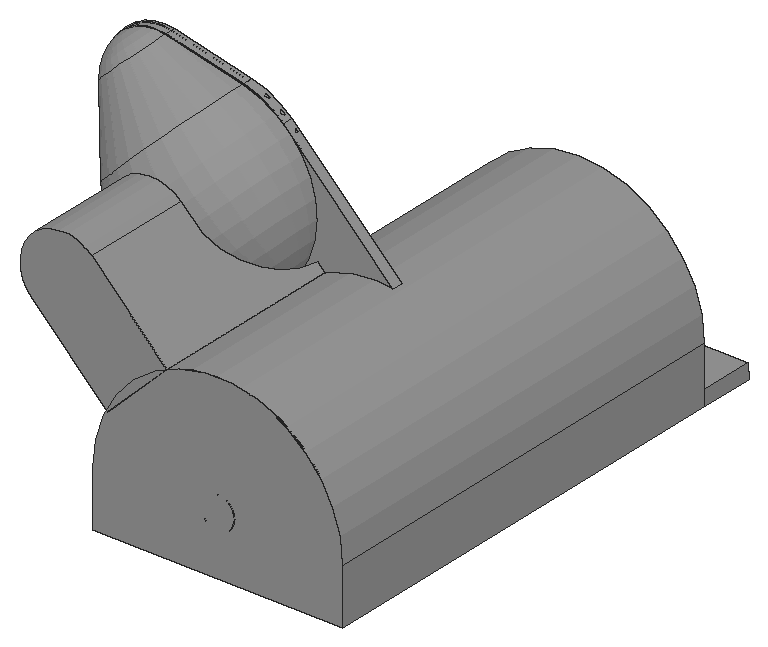
Revit family "Combination-Willoughby-ECF-1806-L-ON", category Plumbing Fixtures, Revit 2015
Parameters (values of type "Standard")
  Waste DIA = 2 3/8"
  Waste Connection = yes
  W-RAD [instance] = Waste DIA / 2  # 0' - 1 3/16"
  URL = "https://www.willoughby-ind.com/wp-content/uploads/2017/12/1806.pdf"
  Revision = "A"
  Model = "ECF-1806-L-ON"
  Manufacturer = "Willoughby Industries"
  Lav Waste DIA = 1 1/2"
  Lav Waste Connection = yes
  L-RAD [instance] = Lav Waste DIA / 2  # 0' - 0 3/4"
  HW Connection = no
  Flush inlet DIA = 1 1/2"
  Flush Inlet Connection = yes
  Fixture Body = Stainless Steel AISI 304-Willoughby
  F-RAD [instance] = Flush inlet DIA / 2  # 0' - 0 3/4"
  Description = "1806 Combination Unit, Wall toilet waste outlet, Left toilet, On Floor mounted, 1.28 GPM"
  Default Elevation = 0' - 0"
  Contact Number = "(800) 428-4065"
  CW Connection = no
Reference planes (in)
  plane 1 "Center (Front/Back)": y = -16.25
  plane 2: z = 0
  plane 3 "Center (Left/Right)": x = 0
  plane 4 "Base": y = -16.25
  plane 5 "Rim hight": y = -1.5
  plane 6 "Seat height": y = -1.25
  plane 7 "Sink HGT": y = 20.25
  plane 8 "Waste offset": x = 0
  plane 9 "Lwaste ht": y = 8
  plane 10 "flush inlet HT": y = 4.25
  plane 11 "Left Sweep": through (12.20051, 0, 16.45051) normal (0.7071, 0, -0.7071)
  plane 12 "Right Sweep": through (-11.84696, 0, 16.09696) normal (0.7071, 0, 0.7071)
  plane 13: through (-55.90549, 0, 60.15549) normal (-0.7071, 0, -0.7071)
  plane 14: x = -6.375
  plane 15: x = 9
  plane 16 "Waste Center Line": z = 4.25
  plane 17: x = -9
Forms (in)
  Extrusion 1, solid, material "Stainless Steel AISI 304-Willoughby" <- "Fixture Body"
    sketch origin (0, -16.25, 0) x (1, 0, 0) y (0, 0, 1)
      loop
        line (9, 0) -> (9, 1.0625) -> (-9, 1.0625) -> (-9, 0) -> (9, 0)
    from -36.5 to -32.5
  Extrusion 2, solid, material "Stainless Steel AISI 304-Willoughby" <- "Fixture Body"
    sketch origin (3.35108, 10.5, 0.89892) x (-0.707107, 0, -0.707107) y (0.707107, 0, -0.707107)
      loop
        arc (6.0079, -24.25317) -> (6.68213, -22.74625) -> (6.9847, -21.12334) r 7
        line (6.9847, -21.12334) -> (6.9847, -9.98237)
        arc (6.9847, -9.98237) -> (0, -12.87552) -> (-6.9847, -9.98237) r 9.87786
        line (-6.9847, -9.98237) -> (-6.9847, -21.12334)
        arc (-6.9847, -21.12334) -> (-6.68213, -22.74625) -> (-6.0079, -24.25317) r 7
        line (-6.0079, -24.25317) -> (-2.96593, -29.1083)
        arc (-2.96593, -29.1083) -> (0, -30.75) -> (2.96593, -29.1083) r 3.5
        line (2.96593, -29.1083) -> (6.0079, -24.25317)
      loop
        arc (4.24214, -22.50332) -> (0, -16.0358) -> (-4.24214, -22.50332) r 4.625
        line (-4.24214, -22.50332) -> (-1.839, -28.03617)
        arc (-1.839, -28.03617) -> (0, -29.25) -> (1.839, -28.03617) r 2
        line (1.839, -28.03617) -> (4.24214, -22.50332)
    from 11.75 to 12.5
  Revolve 3, solid, material "Stainless Steel AISI 304-Willoughby" <- "Fixture Body"
    sketch origin (3.35108, -1.5, 0.89892) x (-0.707107, 0, -0.707107) y (0.707107, 0, -0.707107)
      loop
        line (0, -13.6608) -> (0, -13.9108)
        arc (0, -13.9108) -> (5.9061, -17.39269) -> (5.71903, -24.24621) r 6.75
        line (5.71903, -24.24621) -> (2.75361, -28.97631)
        arc (2.75361, -28.97631) -> (1.57353, -30.09368) -> (0, -30.5) r 3.25
        line (0, -30.5) -> (0, -30.75)
        arc (0, -30.75) -> (1.69499, -30.31219) -> (2.96593, -29.1083) r 3.5
        line (2.96593, -29.1083) -> (6.0079, -24.25317)
        arc (6.0079, -24.25317) -> (6.08879, -17.20729) -> (0, -13.6608) r 7
      axis (0, -13.6608) -> (0, -30.75)
    angle from 0 to -180
  Extrusion 4, solid, material "Stainless Steel AISI 304-Willoughby" <- "Fixture Body"
    sketch origin (0, -3.25, -6.25) x (1, 0, 0) y (0, 0, -1)
      loop
        circle (0, -10.5) r 1.1875
    from -13 to -11.36225
  Extrusion 5, solid, material "Stainless Steel AISI 304-Willoughby" <- "Fixture Body"
    sketch origin (0, 0, 0) x (1, 0, 0) y (0, 1, 0)
      loop
        circle (0, 8) r 0.75
    from -3 to 1
  Extrusion 6, solid, material "Stainless Steel AISI 304-Willoughby" <- "Fixture Body"
    sketch origin (0, 0, 0) x (1, 0, 0) y (0, 1, 0)
      loop
        circle (-6.375, 4.25) r 0.75
    from 0 to 1
  Extrusion 7, solid, material "Stainless Steel AISI 304-Willoughby" <- "Fixture Body"
    sketch origin (-77.55739, -16.25, -24.30859) x (1, 0, 0) y (0, 0, 1)
      loop
        line (86.55739, 24.30859) -> (86.55739, 28.33218)
        arc (86.55739, 28.33218) -> (77.55739, 37.33218) -> (68.55739, 28.33218) r 9
        line (68.55739, 28.33218) -> (68.55739, 24.30859) -> (86.55739, 24.30859)
    from -32.5 to 0
  Revolve 8, void
    sketch origin (-0.04219, 16.25, -0.04963) x (1, 0, 0) y (0, 0, 1)
      loop
        spline (6.44903, 7.42683) -> (6.2318, 8.59152) -> (5.59494, 9.67683) -> (4.58183, 10.60881) -> (3.26153, 11.32395) -> (1.724, 11.7735) -> (0.07403, 11.92683) -> (-1.57595, 11.7735) -> (-3.11347, 11.32395) -> (-4.43378, 10.60881) -> (-5.44689, 9.67683) -> (-6.08375, 8.59152) -> (-6.30097, 7.42683)
        line (-6.30097, 7.42683) -> (6.44903, 7.42683)
      axis (6.44903, 7.42683) -> (-6.30097, 7.42683)
    angle from 0 to -180
  Extrusion 9, solid, material "Stainless Steel AISI 304-Willoughby" <- "Fixture Body"
    sketch origin (8.54532, -16.25, -35.53935) x (0.707107, 0, 0.707107) y (-0.707107, 0, 0.707107)
      loop
        line (25.09287, 42.42406) -> (25.09287, 50.05781)
        arc (25.09287, 50.05781) -> (22.09287, 53.05781) -> (19.09287, 50.05781) r 3
        line (19.09287, 50.05781) -> (19.09287, 42.42406) -> (25.09287, 42.42406)
    from 0 to -8.02482
  Extrusion 10, solid, material "Stainless Steel AISI 304-Willoughby" <- "Fixture Body"
    sketch origin (3.35876, 0, 0.89124) x (0, 1, 0) y (-0.707107, 0, 0.707107)
      loop
        line (-8.22518, 12.99629) -> (-2, 12.99629) -> (-2, 13.69664)
        arc (-2, 13.69664) -> (-5.86283, 15.126) -> (-8.22518, 18.5) r 6.90673
        line (-8.22518, 18.5) -> (-8.22518, 12.99629)
    from -3 to 3
Cuts and joins
  Revolve 8 cuts Extrusion 7
  joined: Extrusion 9, Extrusion 10
Lines and regions (in)
  model lines, detail levels coarse+medium
    curve 1: line (-9, -16.25, 0) -> (9, -16.25, 0)
    curve 2: line (9, -16.25, 0) -> (9, -16.25, 1.0625)
    curve 3: line (-9, -16.25, 1.0625) -> (-9, -16.25, 0)
    curve 4: line (9, -16.25, 4.02359) -> (9, -16.25, 1.0625)
    curve 5: line (-9, -16.25, 1.0625) -> (-9, -16.25, 4.02359)
  symbolic lines
    curve 6: line (-12.73689, -8.3348, 0) -> (-12.73689, -16.25, 0)
    curve 7: line (-12.73689, -16.25, 0) -> (-5.0708, -16.25, 0)
    curve 8: line (-5.0708, -16.25, 0) -> (-5.0708, -4.78059, 0)
    curve 9: arc (-5.0708, -4.78059, 0) -> (-4.52539, -3.43237, 0) -> (-4.27347, -2, 0) r 6.92791
    curve 10: line (-4.27347, -2, 0) -> (1.23141, -2, 0)
    curve 11: line (1.23141, -2, 0) -> (1.23141, -1.25, 0)
    curve 12: line (1.23141, -1.25, 0) -> (-19.41758, -1.25, 0)
    curve 13: line (-19.41758, -1.25, 0) -> (-19.41758, -2, 0)
    curve 14: arc (-19.41758, -2, 0) -> (-19.04804, -3.07433, 0) -> (-18.3961, -4.00476, 0) r 4.07249
    curve 15: line (-18.3961, -4.00476, 0) -> (-16.43182, -6.18631, 0)
    curve 16: arc (-16.43182, -6.18631, 0) -> (-14.7528, -7.55025, 0) -> (-12.73689, -8.3348, 0) r 6.98205
    curve 17: arc (-12.73689, -8.3348, 0) -> (-11.48689, -8.35704, 0) -> (-10.23689, -8.3348, 0) r 35.14256
    curve 18: arc (-5.0708, -4.78059, 0) -> (-7.21075, -7.20173, 0) -> (-10.23689, -8.3348, 0) r 6.67831
    curve 19: line (-9, 20.25, 0) -> (-9, -16.25, 0)
    curve 20: line (9, -16.25, 0) -> (9, 20.25, 0)
    curve 21: line (9, 20.25, 0) -> (-9, 20.25, 0)
    curve 22: line (-9, 16.25, 0) -> (9, 16.25, 0)
    curve 23: line (9, -16.25, 0) -> (9, -16.25, 4.02359)
    curve 24: arc (9, -16.25, 4.02359) -> (0, -16.25, 13.02359) -> (-9, -16.25, 4.02359) r 9
    curve 25: line (-9, -16.25, 4.02359) -> (-9, -16.25, 0)
    curve 26: line (-9, -16.25, 0) -> (9, -16.25, 0)
    curve 30: line (1.18226, -16.25, 12.9456) -> (-6.64645, -16.25, 20.77431)
    curve 31: arc (-6.64645, -16.25, 20.77431) -> (-7.98233, -16.25, 21.75682) -> (-9.55027, -16.25, 22.29672) r 5.50263
    curve 32: line (-9.55027, -16.25, 22.29672) -> (-15.13436, -16.25, 23.57882)
    curve 33: arc (-15.13436, -16.25, 23.57882) -> (-16.88434, -16.25, 23.53141) -> (-18.39245, -16.25, 22.64245) r 3.5
    curve 34: arc (-18.39245, -16.25, 22.64245) -> (-19.28141, -16.25, 21.13434) -> (-19.32882, -16.25, 19.38436) r 3.5
    curve 35: line (-19.32882, -16.25, 19.38436) -> (-18.08122, -16.25, 13.94373)
    curve 36: arc (-18.04672, -16.25, 13.80027) -> (-17.2296, -16.25, 11.85541) -> (-15.87017, -16.25, 10.24231) r 7
    curve 37: line (-15.87017, -16.25, 10.24231) -> (-9, -16.25, 3.37214)
    curve 43: line (0, -16.25, 0) -> (0, 20.25, 0)
    curve 44: line (0, 20.25, 0) -> (0, 20.25, 1.0625)
    curve 45: line (0, 20.25, 1.0625) -> (0, 16.25, 1.0625)
    curve 46: line (0, 16.25, 1.0625) -> (0, 16.25, 13.02359)
    curve 47: line (0, 16.25, 13.02359) -> (0, -16.25, 13.02359)
    curve 48: line (0, -16.25, 13.02359) -> (0, -16.25, 0)
    curve 49: line (0, -2, 3.5) -> (0, -1.25, 3.5)
    curve 50: line (0, -1.25, 3.5) -> (0, -1.25, 23.66758)
    curve 51: line (0, -1.25, 23.66758) -> (0, -2, 23.66758)
    curve 52: arc (0, -2, 23.66758) -> (0, -3.1086, 23.27415) -> (0, -4.05468, 22.57509) r 3.99747
    curve 53: line (0, -4.05468, 22.57509) -> (0, -6.57919, 20.30201)
    curve 54: arc (0, -6.57919, 20.30201) -> (0, -7.69261, 18.77046) -> (0, -8.3397, 16.99096) r 6.78844
    curve 55: line (0, -8.3397, 16.99096) -> (0, -16.25, 16.99096)
    curve 56: line (0, -16.25, 16.99096) -> (0, -16.25, 9.37571)
    curve 57: arc (0, -2, 8.52359) -> (0, -3.4683, 8.78493) -> (0, -4.84202, 9.36551) r 6.68023
    curve 58: arc (0, -4.84202, 9.36551) -> (0, -7.13635, 11.40679) -> (0, -8.36873, 14.21961) r 7.18462
    curve 59: line (0, -8.36873, 14.21961) -> (0, -8.36873, 16.96961)
    curve 60: line (0, -2, 8.52359) -> (0, -2, 3.5)
    curve 61: line (0, -16.25, 9.37571) -> (0, -4.86012, 9.37571)
  symbolic lines, detail levels medium+fine
    curve 27: line (9, -16.25, 1.0625) -> (-9, -16.25, 1.0625)
  symbolic lines, detail levels fine
    curve 28: spline (6.40684, -16.25, 7.3772) -> (6.18962, -16.25, 6.21252) -> (5.55275, -16.25, 5.1272) -> (4.53965, -16.25, 4.19522) -> (3.21934, -16.25, 3.48009) -> (1.68181, -16.25, 3.03054) -> (0.03184, -16.25, 2.8772) -> (-1.61813, -16.25, 3.03054) -> (-3.15566, -16.25, 3.48009) -> (-4.47597, -16.25, 4.19522) -> (-5.48907, -16.25, 5.1272) -> (-6.12594, -16.25, 6.21252) -> (-6.34316, -16.25, 7.3772)
    curve 29: spline (-6.34316, -16.25, 7.3772) -> (-6.12594, -16.25, 8.54189) -> (-5.48907, -16.25, 9.6272) -> (-4.47597, -16.25, 10.55918) -> (-3.15566, -16.25, 11.27432) -> (-1.61813, -16.25, 11.72387) -> (0.03184, -16.25, 11.8772) -> (1.68181, -16.25, 11.72387) -> (3.21934, -16.25, 11.27432) -> (4.53965, -16.25, 10.55918) -> (5.55275, -16.25, 9.6272) -> (6.18962, -16.25, 8.54189) -> (6.40684, -16.25, 7.3772)
    curve 38: line (-9.56153, -16.25, 19.81081) -> (-15.17311, -16.25, 22.02386)
    curve 39: arc (-15.17311, -16.25, 22.02386) -> (-16.36379, -16.25, 22.11346) -> (-17.39646, -16.25, 21.51402) r 2.01679
    curve 40: arc (-17.39646, -16.25, 21.51402) -> (-17.88904, -16.25, 20.52341) -> (-17.77386, -16.25, 19.42311) r 1.9818
    curve 41: line (-17.77386, -16.25, 19.42311) -> (-15.56081, -16.25, 13.81153)
    curve 42: arc (-15.56081, -16.25, 13.81153) -> (-7.98794, -16.25, 12.23794) -> (-9.56153, -16.25, 19.81081) r 4.625
Dimensions and locks (in)
  locked: plane 6 "Seat height" to plane 5 "Rim hight" at 0.25
  plane 6 "Seat height" to plane 4 "Base" = 1' - 3"  (x2)
  locked: Extrusion 2 to Extrusion 2 at 0.75
  locked: plane 9 "Lwaste ht" to plane 4 "Base" at 24.25
  locked: plane 10 "flush inlet HT" to plane 4 "Base" at 20.5
  locked: cut or joined group of Extrusion 7, Revolve 8 to cut or joined group of Extrusion 7, Revolve 8 at 18
  locked: plane 16 "Waste Center Line" to level at 4.25
  plane 10 "flush inlet HT" to plane 1 "Center (Front/Back)" = 1' - 8 1/2"
  plane 9 "Lwaste ht" to plane 1 "Center (Front/Back)" = 2' - 0 1/4"
  locked: plane 3 "Center (Left/Right)" to plane 15 at 9
  locked: Extrusion 1 to plane 15 at 18
  plane 4 "Base" to plane 7 "Sink HGT" = 3' - 0 1/2"
  cut or joined group of Extrusion 7, Revolve 8 to plane 4 "Base" = 2' - 8 1/2"
  plane 17 to plane 14 = 0' - 2 5/8"
  "W-RAD": radius of Extrusion 4 sketch curve
  "L-RAD": radius of Extrusion 5 sketch curve
  "F-RAD": radius of Extrusion 6 sketch curve
  radius of cut or joined group of Extrusion 7, Revolve 8 = 0' - 9"
  aligned and locked: Extrusion 1 to plane 7 "Sink HGT"
  aligned and locked: plane 8 "Waste offset" to Extrusion 4 sketch curve
  aligned and locked: plane 9 "Lwaste ht" to Extrusion 5 sketch curve
  aligned and locked: Extrusion 5 sketch curve to plane 8 "Waste offset"
  aligned and locked: plane 10 "flush inlet HT" to Extrusion 6 sketch curve
  aligned and locked: Extrusion 2 to plane 6 "Seat height"
  aligned and locked: Revolve 3 to plane 5 "Rim hight"
  aligned and locked: Revolve 8 sketch curve to Revolve 8 sketch curve
  aligned and locked: plane 14 to Extrusion 6 sketch curve
  aligned and locked: plane 16 "Waste Center Line" to Extrusion 4 sketch curve
  aligned and locked: curve 4 to cut or joined group of Extrusion 7, Revolve 8
  aligned and locked: cut or joined group of Extrusion 7, Revolve 8 to curve 5
  aligned and locked: plane 15 to cut or joined group of Extrusion 7, Revolve 8
  aligned and locked: plane 1 "Center (Front/Back)" to Extrusion 7
  aligned and locked: Extrusion 7 to plane 15
  aligned and locked: Extrusion 7 to curve 1
  aligned and locked: cut or joined group of Extrusion 7, Revolve 8 to Extrusion 1
  aligned and locked: plane 17 to cut or joined group of Extrusion 7, Revolve 8
  aligned and locked: Extrusion 7 to level
  aligned and locked: Extrusion 1 to level
  aligned and locked: Extrusion 1 to plane 15
  aligned and locked: Extrusion 10 to Extrusion 9
Automatic sketch dimensions
  Extrusion 1 sketch curve to level = 0' - 0"
  level to Extrusion 1 sketch curve = 0' - 1 1/16"
  Extrusion 2 sketch curve to Extrusion 2 sketch curve = 0' - 0"  (x8)
  Extrusion 2 sketch curve to plane 12 "Right Sweep" = 0' - 0"  (x3)
  plane 12 "Right Sweep" to Extrusion 2 sketch curve = 0' - 1.839"
  Extrusion 2 sketch curve to Extrusion 2 sketch curve = 0' - 1.12693"  (x2)
  plane 12 "Right Sweep" to Extrusion 2 sketch curve = 0' - 4.24214"
  Extrusion 2 sketch curve to Extrusion 2 sketch curve = 0' - 1.76576"  (x2)
  Extrusion 2 sketch curve to Extrusion 2 sketch curve = 0' - 2.74256"
  Extrusion 2 sketch curve to plane 12 "Right Sweep" = 0' - 1.839"
  Extrusion 2 sketch curve to plane 12 "Right Sweep" = 0' - 4.24214"
  Extrusion 2 sketch curve to plane 11 "Left Sweep" = 0' - 5.24322"
  Extrusion 2 sketch curve to plane 12 "Right Sweep" = 0' - 6.9847"
  Extrusion 2 sketch curve to Extrusion 2 sketch curve = 0' - 10.67843"
  Extrusion 2 sketch curve to Extrusion 2 sketch curve = 0' - 0.46255"  (x2)
  Extrusion 2 sketch curve to Extrusion 2 sketch curve = 0' - 1.74985"
  Extrusion 2 sketch curve to Extrusion 2 sketch curve = 0' - 4.74668"
  Extrusion 2 sketch curve to Extrusion 2 sketch curve = 0' - 0.78617"
  Extrusion 2 sketch curve to Extrusion 2 sketch curve = 0' - 1.07212"
  plane 11 "Left Sweep" to Extrusion 2 sketch curve = 0' - 1.74148"
  Revolve 3 sketch curve to Revolve 3 sketch curve = 0' - 0"  (x2)
  Revolve 3 sketch curve to plane 12 "Right Sweep" = 0' - 0"  (x3)
  plane 12 "Right Sweep" to Revolve 3 sketch curve = 0' - 0"
  Revolve 3 sketch curve to plane 12 "Right Sweep" = 0' - 2.75361"
  Revolve 3 sketch curve to Revolve 3 sketch curve = 0' - 0.21232"
  Revolve 3 sketch curve to Revolve 3 sketch curve = 0' - 2.96542"
  Revolve 3 sketch curve to Revolve 3 sketch curve = 0' - 0.28887"
  Revolve 3 sketch curve to plane 11 "Left Sweep" = 2' - 2.01086"
  Revolve 3 sketch curve to Revolve 3 sketch curve = 0' - 0 1/4"
  Revolve 3 sketch curve to Revolve 3 sketch curve = 0' - 1.3917"
  Revolve 3 sketch curve to Revolve 3 sketch curve = 0' - 0.13199"
  Revolve 3 sketch curve to Revolve 3 sketch curve = 0' - 4.85513"
  Revolve 3 sketch curve to Revolve 3 sketch curve = 0' - 0.00696"
  Revolve 3 sketch curve to Revolve 3 sketch curve = 0' - 3 1/4"
  Revolve 3 sketch curve to Revolve 3 sketch curve = 0' - 3.3392"
  Revolve 3 sketch curve to Revolve 3 sketch curve = 0' - 2.4108"
  Extrusion 7 sketch curve to level = 0' - 0"
  plane 3 "Center (Left/Right)" to Extrusion 7 sketch curve = 0' - 0"
  level to Extrusion 7 sketch curve = 0' - 4.02359"
  plane 3 "Center (Left/Right)" to Revolve 8 sketch curve = 0' - 0.03184"
  Revolve 8 sketch curve to Revolve 8 sketch curve = 0' - 0 7/8"
  level to Revolve 8 sketch curve = 0' - 7.3772"
  Revolve 8 sketch curve to Revolve 8 sketch curve = 0' - 5 1/8"
  Extrusion 10 sketch curve to Extrusion 10 sketch curve = 0' - 0.70035"
  Extrusion 10 sketch curve to Extrusion 10 sketch curve = 0' - 5.50371"
  plane 5 "Rim hight" to Extrusion 10 sketch curve = 0' - 0 1/2"
  plane 5 "Rim hight" to Extrusion 10 sketch curve = 0' - 0.14358"
  Extrusion 10 sketch curve to plane 11 "Left Sweep" = 0' - 8.24629"
  Extrusion 10 sketch curve to Extrusion 10 sketch curve = 0' - 6.5816"
  curve 3 to level = 0' - 0"
  Extrusion 1 sketch curve to plane 3 "Center (Left/Right)" = 0' - 9"
  plane 15 to Extrusion 7 sketch curve = 0' - 0"
  Revolve 8 sketch curve to plane 3 "Center (Left/Right)" = 0' - 6.34316"
  plane 15 to Extrusion 1 sketch curve = 0' - 0"
  level to curve 3 = 0' - 1 1/16"
  level to curve 2 = 0' - 1 1/16"
  curve 5 to plane 16 "Waste Center Line" = 0' - 0.22641"
  plane 6 "Seat height" to curve 13 = 0' - 0"
  plane 1 "Center (Front/Back)" to curve 7 = 0' - 0"
  curve 22 to plane 17 = 0' - 0"
  plane 7 "Sink HGT" to curve 19 = 0' - 0"
  curve 20 to plane 15 = 0' - 0"
  plane 1 "Center (Front/Back)" to curve 20 = 0' - 0"
  plane 5 "Rim hight" to curve 18 = 0' - 0.19978"
  plane 17 to curve 18 = 0' - 1.99604"
  plane 5 "Rim hight" to curve 9 = 0' - 0.02278"
  curve 9 to curve 18 = 0' - 0.18889"
  plane 5 "Rim hight" to curve 16 = 0' - 0.01441"
  curve 16 to curve 9 = 0' - 0.05822"
  plane 17 to curve 17 = 0' - 2.48689"
  plane 17 to curve 6 = 0' - 3.73689"
  curve 14 to plane 6 "Seat height" = 0' - 0.02455"
  curve 14 to curve 16 = 0' - 4.17628"
  curve 15 to curve 17 = 0' - 3.69493"
  plane 5 "Rim hight" to curve 15 = 0' - 2.50476"
  curve 15 to curve 16 = 0' - 1.96428"
  curve 12 to curve 14 = 0' - 1.02148"
  plane 14 to curve 8 = 0' - 1.3042"
  plane 5 "Rim hight" to curve 10 = 0' - 0 1/2"
  curve 18 to curve 10 = 0' - 0.79732"
  plane 3 "Center (Left/Right)" to curve 11 = 0' - 1.23141"
  curve 6 to curve 18 = 0' - 6.63503"
  curve 17 to plane 7 "Sink HGT" = 0' - 6.53552"
  plane 7 "Sink HGT" to curve 22 = 0' - 4"
  curve 33 to curve 34 = 0' - 0"  (x2)
  curve 36 to curve 42 = 0' - 0"  (x2)
  curve 33 to plane 12 "Right Sweep" = 0' - 0"
  curve 34 to plane 12 "Right Sweep" = 0' - 0"
  curve 42 to plane 12 "Right Sweep" = 0' - 0"
  plane 17 to curve 25 = 0' - 0"
  plane 15 to curve 24 = 0' - 0"
  curve 26 to level = 0' - 0"
  curve 23 to plane 16 "Waste Center Line" = 0' - 0.22641"
  plane 16 "Waste Center Line" to curve 37 = 0' - 5.99231"
  curve 41 to curve 36 = 0' - 3.56922"
  plane 17 to curve 36 = 0' - 2.25831"
  curve 31 to curve 36 = 0' - 1.37505"
  curve 35 to curve 42 = 0' - 5.57284"
  curve 41 to curve 34 = 0' - 0.03875"
  curve 38 to curve 31 = 0' - 2.92746"
  curve 39 to curve 40 = 0' - 0.72458"
  curve 33 to curve 39 = 0' - 0.01989"
  curve 40 to curve 33 = 0' - 0.00382"
  curve 30 to plane 14 = 0' - 0.27145"
  curve 30 to curve 42 = 0' - 0.96349"
  plane 17 to curve 38 = 0' - 6.17311"
  curve 38 to curve 33 = 0' - 1.85628"
  plane 17 to curve 32 = 0' - 0.55027"
  curve 32 to curve 38 = 0' - 2.48591"
  plane 17 to curve 32 = 0' - 6.13436"
  curve 32 to curve 38 = 0' - 1.55496"
  curve 41 to curve 37 = 0' - 0.30935"
  curve 39 to curve 34 = 0' - 0.00456"
  curve 33 to curve 40 = 0' - 0.02118"
  curve 41 to curve 34 = 0' - 1.55496"
  curve 27 to curve 25 = 0' - 1 1/16"
  curve 24 to curve 37 = 0' - 0.65145"
  plane 3 "Center (Left/Right)" to curve 29 = 0' - 0.03184"
  plane 16 "Waste Center Line" to curve 29 = 0' - 3.1272"
  plane 3 "Center (Left/Right)" to curve 30 = 0' - 1.18226"
  curve 41 to curve 36 = 0' - 0.01125"
  curve 35 to curve 36 = 0' - 0.14346"
  plane 15 to curve 29 = 0' - 2.59316"
  curve 36 to curve 35 = 0' - 0.03449"
  plane 17 to curve 38 = 0' - 0.56153"
  curve 43 to level = 0' - 0"
  curve 43 to plane 1 "Center (Front/Back)" = 0' - 0"
  curve 61 to plane 1 "Center (Front/Back)" = 0' - 0"
  curve 51 to plane 6 "Seat height" = 0' - 0"
  curve 45 to plane 7 "Sink HGT" = 0' - 0"
  curve 59 to curve 55 = 0' - 0.02903"
  curve 54 to curve 53 = 0' - 1.76052"
  plane 5 "Rim hight" to curve 53 = 0' - 2 71/128"
  plane 5 "Rim hight" to curve 51 = 0' - 0 1/2"
  plane 5 "Rim hight" to curve 60 = 0' - 0 1/2"
  plane 5 "Rim hight" to curve 54 = 0' - 0.19877"
  plane 5 "Rim hight" to curve 57 = 0' - 0.07085"
  plane 6 "Seat height" to curve 58 = 0' - 0.07386"
  curve 52 to plane 6 "Seat height" = 0' - 0.0181"
  plane 7 "Sink HGT" to curve 46 = 0' - 4"
  level to curve 45 = 0' - 1 1/16"
  curve 49 to plane 16 "Waste Center Line" = 0' - 0 3/4"
  plane 16 "Waste Center Line" to curve 60 = 0' - 4.27359"
  plane 16 "Waste Center Line" to curve 61 = 0' - 5.12571"
  plane 16 "Waste Center Line" to curve 47 = 0' - 8.77359"
  curve 61 to curve 59 = 0' - 4.8439"
  curve 57 to curve 57 = 0' - 6.66643"
  curve 57 to curve 54 = 0' - 0.39346"
  curve 54 to curve 58 = 0' - 0.04633"
  curve 47 to curve 55 = 0' - 3.96737"
  curve 58 to curve 52 = 0' - 4.11479"
  curve 54 to curve 53 = 0' - 2.27307"
  curve 61 to curve 57 = 0' - 0.0181"
  curve 59 to curve 55 = 0' - 0.02134"
  curve 4 to plane 16 "Waste Center Line" = 0' - 0.22641"
  Extrusion 9 sketch curve to plane 12 "Right Sweep" = 0' - 0"
  Extrusion 9 sketch curve to Extrusion 9 sketch curve = 0' - 3"
  Extrusion 9 sketch curve to plane 11 "Left Sweep" = 0' - 8.24629"
  Extrusion 9 sketch curve to Extrusion 9 sketch curve = 0' - 7.63375"
Connectors (in)
  piping at (0, -16.25, 4.25), diameter 2.375, driven by "W-RAD", driven by "Waste Connection"
    settings: on Extrusion 4, index 1, connector inside diameter 2 1/4", connector length 0' - 0", flow factor 0, pipe flow 0 GPM, pressure drop 0.00 psi, fitting loss kfactor 0, connector angle 0.00°, fixture units 0, engagement length 0' - 0", angle of deflection 0.00°, flow configuration 3, flow direction 2, fitting loss method 0, system type 16, joint type 0, gender type 0, connector reference index -1, connector utility 1, adjustable connector yes, is connector primary yes, connector description "Toilet Waste"
  piping at (0, 8, 1), diameter 1.5, driven by "L-RAD", driven by "Lav Waste Connection"
    settings: on Extrusion 5, index 2, connector inside diameter 1 1/2", connector length 0' - 0", flow factor 0, pipe flow 0 GPM, pressure drop 0.00 psi, fitting loss kfactor 0, connector angle 0.00°, fixture units 0, engagement length 0' - 0", angle of deflection 0.00°, flow configuration 3, flow direction 2, fitting loss method 0, system type 16, joint type 0, gender type 0, connector reference index -1, connector utility 1, adjustable connector yes, is connector primary no, connector description "Sink Waste"
  piping at (-6.375, 4.25, 1), diameter 1.5
    settings: on Extrusion 6, index 3, connector inside diameter 24", connector length 0' - 0", flow factor 0, pipe flow 1.28 GPM, pressure drop 0.00 psi, fitting loss kfactor 0, connector angle 0.00°, fixture units 0, engagement length 0' - 0", angle of deflection 0.00°, flow configuration 0, flow direction 0, fitting loss method 0, system type 7, joint type 0, gender type 0, connector reference index -1, connector utility 0, adjustable connector no, is connector primary no, connector description ""
